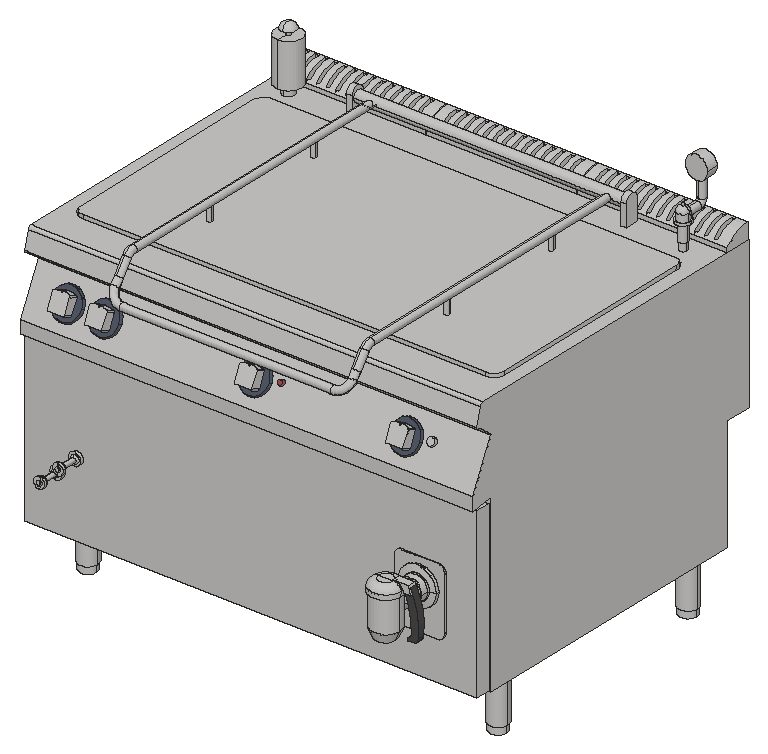
Revit family "QF_ZANUSSI_392123_Z9BSELIUFE", category Specialty Equipment, Revit 2018 (continued)
Lines and regions (mm)
  symbolic lines
    curve 245: line (132.888, -965.306, 0) -> (132.888, -962.823, 0)
    curve 246: line (144.311, -965.306, 0) -> (144.311, -962.823, 0)
    curve 247: line (132.888, -965.306, 0) -> (144.311, -965.306, 0)
    curve 248: line (149.751, -952.823, 0) -> (149.751, -957.823, 0)
    curve 249: line (74.698, -957.823, 0) -> (103.506, -957.823, 0)
    curve 250: line (74.698, -962.823, 0) -> (74.698, -957.823, 0)
    curve 251: line (103.506, -962.823, 0) -> (74.698, -962.823, 0)
    curve 252: line (103.506, -957.823, 0) -> (103.506, -962.823, 0)
    curve 253: line (77.95, -952.823, 0) -> (100.253, -952.823, 0)
    curve 254: line (83.39, -925.68, 0) -> (83.39, -952.823, 0)
    curve 255: line (94.813, -925.68, 0) -> (94.813, -952.823, 0)
    curve 256: line (77.95, -952.823, 0) -> (77.95, -957.823, 0)
    curve 257: line (83.39, -965.306, 0) -> (83.39, -962.823, 0)
    curve 258: line (94.813, -965.306, 0) -> (94.813, -962.823, 0)
    curve 259: line (83.39, -965.306, 0) -> (94.813, -965.306, 0)
    curve 260: line (100.253, -952.823, 0) -> (100.253, -957.823, 0)
    curve 261: line (1077.31, -934.698, 0) -> (1077.31, -984.273, 0)
    curve 262: line (1022.69, -934.698, 0) -> (1022.69, -984.273, 0)
    curve 263: arc (1089.709, -1004.362, 0) -> (1044.635, -974.242, 0) -> (1008.891, -1015, 0) r 41.109
    curve 264: arc (1008.891, -1015, 0) -> (1044.462, -1055.735, 0) -> (1089.617, -1025.975, 0) r 41.109
    curve 265: line (1065.663, -1004.362, 0) -> (1113.876, -1004.362, 0)
    curve 266: line (1065.663, -1025.975, 0) -> (1065.663, -1004.362, 0)
    curve 267: line (1113.876, -1025.975, 0) -> (1065.663, -1025.975, 0)
    curve 268: line (1113.876, -1004.362, 0) -> (1113.876, -1007.064, 0)
    curve 269: line (1106.741, -1004.362, 0) -> (1106.741, -1025.975, 0)
    curve 270: line (1110.542, -1022.936, 0) -> (1132.62, -1022.936, 0)
    curve 271: line (1110.542, -1007.064, 0) -> (1132.62, -1007.064, 0)
    curve 272: line (1132.62, -1022.936, 0) -> (1132.62, -1007.064, 0)
    curve 273: line (1110.542, -1007.064, 0) -> (1110.542, -1022.936, 0)
    curve 274: line (1113.876, -1022.936, 0) -> (1113.876, -1025.975, 0)
    curve 275: line (1018.48, -934.698, 0) -> (1081.52, -934.698, 0)
    curve 276: line (1081.52, -934.698, 0) -> (1081.52, -916.173, 0)
    curve 277: line (1018.48, -934.698, 0) -> (1018.48, -925.68, 0)
    curve 278: line (1023, -916.173, 0) -> (1083.56, -916.173, 0)
    curve 279: line (1083.56, -916.173, 0) -> (1083.56, -915, 0)
    curve 280: line (577, -900, 0) -> (577, -924.347, 0)
    curve 281: arc (577, -924.347, 0) -> (577.146, -924.811, 0) -> (577.532, -925.107, 0) r 0.809
    curve 282: arc (577.532, -925.107, 0) -> (578.72, -925.587, 0) -> (579.997, -925.68, 0) r 4.127
    curve 283: arc (577, -904.292, 0) -> (571.959, -902.458, 0) -> (567.191, -900, 0) r 42.24
    curve 284: arc (577, -906.539, 0) -> (577.502, -905.818, 0) -> (578.299, -905.448, 0) r 1.682
    curve 285: arc (578.299, -905.448, 0) -> (588.602, -903.95, 0) -> (599, -903.441, 0) r 109.079
    curve 286: line (599, -900, 0) -> (599, -905.671, 0)
    curve 287: line (599, -905.671, 0) -> (601, -905.671, 0)
    curve 288: line (601, -905.671, 0) -> (601, -900, 0)
    curve 289: line (623, -900, 0) -> (623, -924.347, 0)
    curve 290: arc (623, -924.347, 0) -> (622.854, -924.811, 0) -> (622.468, -925.107, 0) r 0.809
    curve 291: arc (622.468, -925.107, 0) -> (621.28, -925.587, 0) -> (620.003, -925.68, 0) r 4.127
    curve 292: arc (623, -904.292, 0) -> (628.041, -902.458, 0) -> (632.809, -900, 0) r 42.24
    curve 293: arc (623, -906.539, 0) -> (622.498, -905.818, 0) -> (621.701, -905.448, 0) r 1.682
    curve 294: arc (621.701, -905.448, 0) -> (611.398, -903.95, 0) -> (601, -903.441, 0) r 109.079
    curve 295: line (579.997, -925.68, 0) -> (620.003, -925.68, 0)
    curve 296: line (178.786, -900, 0) -> (178.786, -924.347, 0)
    curve 297: arc (178.786, -924.347, 0) -> (178.933, -924.811, 0) -> (179.319, -925.107, 0) r 0.809
    curve 298: arc (179.319, -925.107, 0) -> (180.506, -925.587, 0) -> (181.784, -925.68, 0) r 4.127
    curve 299: arc (178.786, -904.292, 0) -> (173.745, -902.458, 0) -> (168.977, -900, 0) r 42.24
    curve 300: arc (178.786, -906.539, 0) -> (179.289, -905.818, 0) -> (180.086, -905.448, 0) r 1.682
    curve 301: arc (180.086, -905.448, 0) -> (190.388, -903.95, 0) -> (200.786, -903.441, 0) r 109.079
    curve 302: line (200.786, -900, 0) -> (200.786, -905.671, 0)
    curve 303: line (200.786, -905.671, 0) -> (202.786, -905.671, 0)
    curve 304: line (202.786, -905.671, 0) -> (202.786, -900, 0)
    curve 305: line (224.786, -900, 0) -> (224.786, -924.347, 0)
    curve 306: arc (224.786, -924.347, 0) -> (224.64, -924.811, 0) -> (224.254, -925.107, 0) r 0.809
    curve 307: arc (224.254, -925.107, 0) -> (223.067, -925.587, 0) -> (221.789, -925.68, 0) r 4.127
    curve 308: arc (224.786, -904.292, 0) -> (229.828, -902.458, 0) -> (234.596, -900, 0) r 42.24
    curve 309: arc (224.786, -906.539, 0) -> (224.284, -905.818, 0) -> (223.487, -905.448, 0) r 1.682
    curve 310: arc (223.487, -905.448, 0) -> (213.185, -903.95, 0) -> (202.786, -903.441, 0) r 109.079
    curve 311: line (181.784, -925.68, 0) -> (221.789, -925.68, 0)
    curve 312: line (79.457, -900, 0) -> (79.457, -924.347, 0)
    curve 313: arc (79.457, -924.347, 0) -> (79.603, -924.811, 0) -> (79.989, -925.107, 0) r 0.809
    curve 314: arc (79.989, -925.107, 0) -> (81.177, -925.587, 0) -> (82.454, -925.68, 0) r 4.127
    curve 315: arc (79.457, -904.292, 0) -> (74.416, -902.458, 0) -> (69.648, -900, 0) r 42.24
    curve 316: arc (79.457, -906.539, 0) -> (79.959, -905.818, 0) -> (80.756, -905.448, 0) r 1.682
    curve 317: arc (80.756, -905.448, 0) -> (91.059, -903.95, 0) -> (101.457, -903.441, 0) r 109.079
    curve 318: line (101.457, -900, 0) -> (101.457, -905.671, 0)
    curve 319: line (101.457, -905.671, 0) -> (103.457, -905.671, 0)
    curve 320: line (103.457, -905.671, 0) -> (103.457, -900, 0)
    curve 321: line (125.457, -900, 0) -> (125.457, -924.347, 0)
    curve 322: arc (125.457, -924.347, 0) -> (125.311, -924.811, 0) -> (124.925, -925.107, 0) r 0.809
    curve 323: arc (124.925, -925.107, 0) -> (123.737, -925.587, 0) -> (122.459, -925.68, 0) r 4.127
    curve 324: arc (125.457, -904.292, 0) -> (130.498, -902.458, 0) -> (135.266, -900, 0) r 42.24
    curve 325: arc (125.457, -906.539, 0) -> (124.955, -905.818, 0) -> (124.157, -905.448, 0) r 1.682
    curve 326: arc (124.157, -905.448, 0) -> (113.855, -903.95, 0) -> (103.457, -903.441, 0) r 109.079
    curve 327: line (82.454, -925.68, 0) -> (122.459, -925.68, 0)
    curve 328: line (977, -900, 0) -> (977, -924.347, 0)
    curve 329: arc (977, -924.347, 0) -> (977.146, -924.811, 0) -> (977.532, -925.107, 0) r 0.809
    curve 330: arc (977.532, -925.107, 0) -> (978.72, -925.587, 0) -> (979.997, -925.68, 0) r 4.127
    curve 331: arc (977, -904.292, 0) -> (971.959, -902.458, 0) -> (967.191, -900, 0) r 42.24
    curve 332: arc (977, -906.539, 0) -> (977.502, -905.818, 0) -> (978.299, -905.448, 0) r 1.682
    curve 333: arc (978.299, -905.448, 0) -> (988.602, -903.95, 0) -> (999, -903.441, 0) r 109.079
    curve 334: line (999, -900, 0) -> (999, -905.671, 0)
    curve 335: line (999, -905.671, 0) -> (1001, -905.671, 0)
    curve 336: line (1001, -905.671, 0) -> (1001, -900, 0)
    curve 337: line (1023, -900, 0) -> (1023, -924.347, 0)
    curve 338: arc (1023, -924.347, 0) -> (1022.854, -924.811, 0) -> (1022.468, -925.107, 0) r 0.809
    curve 339: arc (1022.468, -925.107, 0) -> (1021.28, -925.587, 0) -> (1020.003, -925.68, 0) r 4.127
    curve 340: arc (1023, -904.292, 0) -> (1028.041, -902.458, 0) -> (1032.809, -900, 0) r 42.24
    curve 341: arc (1023, -906.539, 0) -> (1022.498, -905.818, 0) -> (1021.701, -905.448, 0) r 1.682
    curve 342: arc (1021.701, -905.448, 0) -> (1011.398, -903.95, 0) -> (1001, -903.441, 0) r 109.079
    curve 343: line (979.997, -925.68, 0) -> (1020.003, -925.68, 0)
    curve 344: line (79.457, -915, 0) -> (0, -915, 0)
    curve 345: line (178.786, -915, 0) -> (125.457, -915, 0)
    curve 346: line (577, -915, 0) -> (294.29, -915, 0)
    curve 347: line (977, -915, 0) -> (924.71, -915, 0)
    curve 348: line (905.71, -900, 0) -> (294.29, -900, 0)
    curve 349: line (275.29, -900, 0) -> (0, -900, 0)
    curve 350: line (1200, -900, 0) -> (924.71, -900, 0)
Dimensions and locks
  equal spacing: plane 3 "LEFT", plane 7 "Center Y", plane 4 "RIGHT"
  "Width": plane 3 "LEFT" to plane 4 "RIGHT"
  equal spacing: plane 5 "FRONT", plane 8 "Center X", plane 1 "BACK"
  "Depth": plane 5 "FRONT" to plane 1 "BACK"
  "Height": plane 6 "TOP" to level
  plane 9 to level = 1734.89 mm  (x2)
  plane 10 to level = 150.0 mm
  plane 1 "BACK" to plane 11 = 130.0 mm
  plane 11 to plane 12 = 630.0 mm
  plane 1 "BACK" to plane 13 = 1015.0 mm
  plane 14 to plane 3 "LEFT" = 56.0 mm
  plane 15 to plane 4 "RIGHT" = 56.0 mm
  Revolve 10 to level = 300.0 mm
  Extrusion 36 sketch curve to plane 1 "BACK" = 804.3 mm
  Extrusion 36 sketch curve to plane 4 "RIGHT" = 140.0 mm
  Extrusion 37 sketch curve to plane 1 "BACK" = 704.3 mm
  plane 3 "LEFT" to Extrusion 37 sketch curve = 100.0 mm
  Extrusion 37 sketch curve to plane 1 "BACK" = 804.3 mm
  plane 3 "LEFT" to Extrusion 37 sketch curve = 160.0 mm
  Extrusion 37 to plane 1 "BACK" = 704.3 mm
  Extrusion 37 to plane 1 "BACK" = 804.3 mm
  Extrusion 36 to plane 1 "BACK" = 804.3 mm
  plane 3 "LEFT" to plane 17 = 100.0 mm
  plane 3 "LEFT" to plane 18 = 160.0 mm
  plane 16 to plane 4 "RIGHT" = 140.0 mm
  Extrusion 37 sketch curve to plane 1 "BACK" = 734.3 mm
  plane 3 "LEFT" to Extrusion 37 sketch curve = 140.0 mm
  Extrusion 37 to plane 1 "BACK" = 734.3 mm
  plane 3 "LEFT" to plane 19 = 140.0 mm
  aligned and locked: level to plane 2
  aligned and locked: Extrusion 1 to plane 4 "RIGHT"
Automatic sketch dimensions
  Revolve 2 sketch curve to plane 10 = 0.0 mm  (x2)
  Revolve 2 sketch curve to level = 0.0 mm
  Revolve 2 sketch curve to plane 14 = 0.0 mm  (x2)
  Revolve 2 sketch curve to plane 14 = 22.9 mm
  Revolve 2 sketch curve to Revolve 2 sketch curve = 2.5 mm
  level to Revolve 2 sketch curve = 19.05 mm
  plane 10 to Revolve 2 sketch curve = 20.0 mm
  Revolve 3 sketch curve to plane 10 = 0.0 mm  (x2)
  Revolve 3 sketch curve to level = 0.0 mm
  Revolve 3 sketch curve to plane 14 = 0.0 mm  (x2)
  Revolve 3 sketch curve to plane 14 = 22.9 mm
  Revolve 3 sketch curve to Revolve 3 sketch curve = 2.5 mm
  level to Revolve 3 sketch curve = 19.05 mm
  plane 10 to Revolve 3 sketch curve = 20.0 mm
  Revolve 4 sketch curve to plane 10 = 0.0 mm  (x2)
  Revolve 4 sketch curve to level = 0.0 mm
  plane 15 to Revolve 4 sketch curve = 0.0 mm  (x2)
  Revolve 4 sketch curve to plane 15 = 22.9 mm
  Revolve 4 sketch curve to Revolve 4 sketch curve = 2.5 mm
  Revolve 4 sketch curve to Revolve 4 sketch curve = 20.0 mm
  level to Revolve 4 sketch curve = 19.05 mm
  Revolve 5 sketch curve to plane 10 = 0.0 mm  (x2)
  Revolve 5 sketch curve to level = 0.0 mm
  plane 15 to Revolve 5 sketch curve = 0.0 mm  (x2)
  Revolve 5 sketch curve to plane 15 = 22.9 mm
  Revolve 5 sketch curve to Revolve 5 sketch curve = 2.5 mm
  Revolve 5 sketch curve to Revolve 5 sketch curve = 20.0 mm
  level to Revolve 5 sketch curve = 19.05 mm
  Extrusion 6 sketch curve to plane 6 "TOP" = 0.0 mm
  Extrusion 6 sketch curve to plane 1 "BACK" = 0.0 mm
  plane 1 "BACK" to Extrusion 6 sketch curve = 4.947 mm
  plane 6 "TOP" to Extrusion 6 sketch curve = 10.4 mm
  plane 11 to Extrusion 6 sketch curve = 60.15 mm
  Extrusion 6 sketch curve to plane 6 "TOP" = 39.807 mm
  plane 1 "BACK" to Extrusion 7 sketch curve = 6.761 mm  (x14)
  Extrusion 7 sketch curve to Extrusion 7 sketch curve = 57.15 mm
  Extrusion 7 sketch curve to Extrusion 7 sketch curve = 0.0 mm  (x13)
  Extrusion 7 sketch curve to Extrusion 7 sketch curve = 16.193 mm  (x13)
  Extrusion 7 sketch curve to Extrusion 7 sketch curve = 9.296 mm  (x13)
  plane 14 to Extrusion 7 sketch curve = 8.487 mm
  Extrusion 7 sketch curve to plane 14 = 0.809 mm
  plane 10 to Extrusion 8 sketch curve = 111.296 mm
  Extrusion 8 sketch curve to Extrusion 8 sketch curve = 20.0 mm  (x3)
  Extrusion 8 sketch curve to Extrusion 8 sketch curve = 140.0 mm
  Extrusion 8 sketch curve to Extrusion 8 sketch curve = 0.0 mm
  Revolve 9 sketch curve to plane 5 "FRONT" = 26.761 mm
  Revolve 9 sketch curve to plane 5 "FRONT" = 1.761 mm
  Revolve 9 sketch curve to Revolve 9 sketch curve = 0.0 mm
  Revolve 9 sketch curve to Revolve 9 sketch curve = 27.31 mm
  Revolve 9 sketch curve to Revolve 9 sketch curve = 4.21 mm
  Revolve 9 sketch curve to Revolve 9 sketch curve = 2.04 mm
  plane 5 "FRONT" to Revolve 9 sketch curve = 4.737 mm
  Revolve 9 sketch curve to plane 13 = 22.744 mm
  Revolve 9 sketch curve to plane 5 "FRONT" = 13.787 mm
  Revolve 9 sketch curve to Revolve 9 sketch curve = 2.899 mm
  Revolve 9 sketch curve to Revolve 9 sketch curve = 6.479 mm
  Revolve 9 sketch curve to Revolve 9 sketch curve = 15.0 mm
  Revolve 10 sketch curve to Revolve 10 sketch curve = 0.0 mm
  Revolve 10 sketch curve to Revolve 10 sketch curve = 20.039 mm
  Revolve 10 sketch curve to Revolve 10 sketch curve = 26.476 mm
  Revolve 10 sketch curve to Revolve 10 sketch curve = 17.448 mm
  Revolve 10 sketch curve to Revolve 10 sketch curve = 3.622 mm
  plane 10 to Revolve 10 sketch curve = 140.66 mm
  Revolve 10 sketch curve to Revolve 10 sketch curve = 9.34 mm
  Revolve 10 sketch curve to Revolve 10 sketch curve = 25.0 mm
  Revolve 10 sketch curve to Revolve 10 sketch curve = 83.963 mm
  Revolve 10 sketch curve to Revolve 10 sketch curve = 7.566 mm
  Revolve 10 sketch curve to Revolve 10 sketch curve = 12.044 mm
  Revolve 10 sketch curve to Revolve 10 sketch curve = 22.59 mm
  Extrusion 12 sketch curve to Extrusion 12 sketch curve = 12.717 mm
  Extrusion 12 sketch curve to Extrusion 12 sketch curve = 12.702 mm
  Extrusion 12 sketch curve to Extrusion 12 sketch curve = 21.173 mm
  plane 10 to Extrusion 12 sketch curve = 254.162 mm
  Extrusion 12 sketch curve to Extrusion 12 sketch curve = 0.322 mm
  plane 5 "FRONT" to Revolve 13 sketch curve = 35.345 mm
  Revolve 13 sketch curve to Revolve 13 sketch curve = 2.482 mm
  Revolve 13 sketch curve to Revolve 13 sketch curve = 5.0 mm  (x2)
  Revolve 13 sketch curve to plane 5 "FRONT" = 17.456 mm
  Revolve 13 sketch curve to Revolve 13 sketch curve = 5.316 mm
  Revolve 13 sketch curve to Revolve 13 sketch curve = 3.012 mm
  Revolve 13 sketch curve to Revolve 13 sketch curve = 4.216 mm
  Revolve 13 sketch curve to Revolve 13 sketch curve = 0.0 mm  (x2)
  Revolve 13 sketch curve to Revolve 13 sketch curve = 4.148 mm
  plane 10 to Revolve 13 sketch curve = 187.629 mm
  Revolve 13 sketch curve to Revolve 13 sketch curve = 1.968 mm
  Revolve 13 sketch curve to Revolve 13 sketch curve = 3.253 mm
  Revolve 13 sketch curve to Revolve 13 sketch curve = 6.355 mm
  Revolve 13 sketch curve to Revolve 13 sketch curve = 4.305 mm
  Revolve 13 sketch curve to Revolve 13 sketch curve = 8.693 mm
  Revolve 13 sketch curve to Revolve 13 sketch curve = 0.862 mm
  plane 5 "FRONT" to Revolve 14 sketch curve = 35.345 mm
  Revolve 14 sketch curve to Revolve 14 sketch curve = 2.482 mm
  Revolve 14 sketch curve to Revolve 14 sketch curve = 5.0 mm  (x2)
  Revolve 14 sketch curve to plane 5 "FRONT" = 17.456 mm
  Revolve 14 sketch curve to Revolve 14 sketch curve = 5.316 mm
  Revolve 14 sketch curve to Revolve 14 sketch curve = 3.012 mm
  Revolve 14 sketch curve to Revolve 14 sketch curve = 4.216 mm
  Revolve 14 sketch curve to Revolve 14 sketch curve = 0.0 mm  (x2)
  Revolve 14 sketch curve to Revolve 14 sketch curve = 4.148 mm
  plane 10 to Revolve 14 sketch curve = 138.132 mm
  Revolve 14 sketch curve to Revolve 14 sketch curve = 1.968 mm
  Revolve 14 sketch curve to Revolve 14 sketch curve = 3.253 mm
  Revolve 14 sketch curve to Revolve 14 sketch curve = 6.355 mm
  Revolve 14 sketch curve to Revolve 14 sketch curve = 4.305 mm
  Revolve 14 sketch curve to Revolve 14 sketch curve = 8.693 mm
  Revolve 14 sketch curve to Revolve 14 sketch curve = 0.862 mm
  Extrusion 15 sketch curve to plane 6 "TOP" = 0.0 mm
  Extrusion 15 sketch curve to plane 1 "BACK" = 0.0 mm
  plane 1 "BACK" to Extrusion 15 sketch curve = 4.947 mm
  plane 6 "TOP" to Extrusion 15 sketch curve = 10.4 mm
  plane 11 to Extrusion 15 sketch curve = 60.15 mm
  Extrusion 15 sketch curve to plane 6 "TOP" = 39.807 mm
  plane 1 "BACK" to Extrusion 16 sketch curve = 6.761 mm  (x14)
  plane 7 "Center Y" to Extrusion 16 sketch curve = 17.417 mm
  Extrusion 16 sketch curve to Extrusion 16 sketch curve = 57.15 mm
  Extrusion 16 sketch curve to plane 7 "Center Y" = 8.071 mm
  Extrusion 16 sketch curve to Extrusion 16 sketch curve = 0.0 mm  (x13)
  Extrusion 16 sketch curve to Extrusion 16 sketch curve = 9.296 mm  (x13)
  Extrusion 16 sketch curve to Extrusion 16 sketch curve = 16.193 mm  (x12)
  plane 7 "Center Y" to Extrusion 16 sketch curve = 8.121 mm
  Extrusion 17 sketch curve to plane 6 "TOP" = 0.0 mm
  Extrusion 17 sketch curve to plane 1 "BACK" = 0.0 mm
  plane 1 "BACK" to Extrusion 17 sketch curve = 4.947 mm
  plane 6 "TOP" to Extrusion 17 sketch curve = 10.4 mm
  plane 11 to Extrusion 17 sketch curve = 60.15 mm
  Extrusion 17 sketch curve to plane 6 "TOP" = 39.807 mm
  plane 1 "BACK" to Extrusion 18 sketch curve = 6.761 mm  (x14)
  Extrusion 18 sketch curve to Extrusion 18 sketch curve = 57.15 mm
  Extrusion 18 sketch curve to Extrusion 18 sketch curve = 0.0 mm  (x13)
  Extrusion 18 sketch curve to plane 15 = 0.859 mm
  Extrusion 18 sketch curve to Extrusion 18 sketch curve = 16.193 mm  (x13)
  Extrusion 18 sketch curve to Extrusion 18 sketch curve = 9.296 mm  (x13)
  plane 15 to Extrusion 18 sketch curve = 8.437 mm
  Extrusion 19 sketch curve to plane 6 "TOP" = 0.0 mm
  plane 11 to Extrusion 19 sketch curve = 12.5 mm
  Extrusion 19 sketch curve to Extrusion 19 sketch curve = 17.394 mm
  plane 6 "TOP" to Extrusion 19 sketch curve = 57.07 mm
  Extrusion 20 sketch curve to plane 6 "TOP" = 0.0 mm
  plane 11 to Extrusion 20 sketch curve = 12.5 mm
  Extrusion 20 sketch curve to Extrusion 20 sketch curve = 17.394 mm
  plane 6 "TOP" to Extrusion 20 sketch curve = 57.07 mm
  Extrusion 21 sketch curve to plane 14 = 9.29 mm
  plane 14 to Extrusion 21 sketch curve = 10.71 mm  (x2)
  Extrusion 21 sketch curve to plane 12 = 0.931 mm
  plane 15 to Extrusion 21 sketch curve = 10.71 mm  (x2)
  Extrusion 21 sketch curve to plane 15 = 9.29 mm
  Extrusion 21 sketch curve to plane 11 = 60.49 mm
  Extrusion 22 sketch curve to plane 12 = 0.931 mm
  Extrusion 22 sketch curve to plane 14 = 21.29 mm
  plane 14 to Extrusion 22 sketch curve = 10.71 mm  (x2)
  plane 15 to Extrusion 22 sketch curve = 10.71 mm  (x2)
  Extrusion 22 sketch curve to plane 15 = 21.29 mm
  Extrusion 22 sketch curve to plane 11 = 60.49 mm
  Extrusion 23 sketch curve to Extrusion 23 sketch curve = 28.0 mm
  Extrusion 23 sketch curve to Extrusion 22 = 32.0 mm
  plane 11 to Extrusion 24 sketch curve = 29.894 mm
  plane 6 "TOP" to Extrusion 24 sketch curve = 50.961 mm
  plane 6 "TOP" to Sweep 25 sketch curve = 4.25 mm
  plane 5 "FRONT" to Sweep 25 sketch curve = 13.879 mm
  Sweep 25 sketch curve to plane 5 "FRONT" = 12.572 mm
  Sweep 25 sketch curve to Sweep 25 sketch curve = 20.225 mm
  plane 11 to Sweep 25 sketch curve = 29.894 mm
  plane 6 "TOP" to Sweep 25 sketch curve = 25.961 mm
  Sweep 25 sketch curve to Sweep 25 sketch curve = 14.695 mm
  Sweep 25 sketch curve to profile plane = 0.0 mm  (x2)
  plane 3 "LEFT" to Sweep 25 sketch curve = 284.79 mm
  Sweep 25 sketch curve to Sweep 25 sketch curve = 630.421 mm
  Sweep 26 sketch curve to Sweep 26 sketch curve = 20.0 mm  (x2)
  profile plane to Sweep 26 sketch curve = 0.0 mm
  Sweep 26 sketch curve to profile plane = 0.0 mm
  Extrusion 27 sketch curve to Extrusion 23 = 246.08 mm  (x4)
  Extrusion 27 sketch curve to Extrusion 23 = 145.803 mm  (x2)
  Extrusion 27 sketch curve to Extrusion 23 = 134.383 mm  (x2)
  Extrusion 28 sketch curve to plane 14 = 17.29 mm
  plane 14 to Extrusion 28 sketch curve = 10.71 mm  (x2)
  plane 15 to Extrusion 28 sketch curve = 10.71 mm  (x2)
  Extrusion 28 sketch curve to plane 15 = 17.29 mm
  Extrusion 28 sketch curve to Extrusion 28 sketch curve = 570.441 mm
  Sweep 29 sketch curve to plane 9 = 27.712 mm
  Sweep 29 sketch curve to Sweep 29 sketch curve = 26.45 mm
  Sweep 29 sketch curve to Sweep 29 sketch curve = 20.225 mm
  Sweep 29 sketch curve to Sweep 29 sketch curve = 797.097 mm
  Sweep 29 sketch curve to Sweep 29 sketch curve = 21.711 mm
  Sweep 29 sketch curve to Sweep 29 sketch curve = 14.695 mm
  Sweep 29 sketch curve to profile plane = 0.0 mm  (x2)
  plane 3 "LEFT" to Sweep 29 sketch curve = 284.79 mm
  Sweep 29 sketch curve to Sweep 29 sketch curve = 630.421 mm
  Sweep 30 sketch curve to Sweep 30 sketch curve = 20.0 mm  (x2)
  Sweep 30 sketch curve to profile plane = 0.0 mm  (x2)
  Extrusion 31 sketch curve to Extrusion 28 = 246.08 mm  (x4)
  Extrusion 31 sketch curve to Extrusion 28 = 145.803 mm  (x2)
  Extrusion 31 sketch curve to Extrusion 28 = 134.383 mm  (x2)
  Revolve 32 sketch curve to plane 11 = 0.0 mm
  Revolve 32 sketch curve to plane 6 "TOP" = 0.0 mm
  Revolve 32 sketch curve to plane 11 = 15.0 mm
  plane 11 to Revolve 32 sketch curve = 5.0 mm
  Revolve 32 sketch curve to Revolve 32 sketch curve = 15.0 mm  (x2)
  Revolve 32 sketch curve to Revolve 32 sketch curve = 0.0 mm  (x2)
  Revolve 32 sketch curve to Revolve 32 sketch curve = 25.0 mm
  Revolve 32 sketch curve to Revolve 32 sketch curve = 115.0 mm
  Revolve 32 sketch curve to Revolve 32 sketch curve = 9.167 mm
  Revolve 32 sketch curve to Revolve 32 sketch curve = 5.833 mm
  Revolve 32 sketch curve to Revolve 32 sketch curve = 6.793 mm
  Revolve 33 sketch curve to plane 6 "TOP" = 0.0 mm
  plane 15 to Revolve 33 sketch curve = 10.0 mm
  plane 15 to Revolve 33 sketch curve = 5.0 mm
  plane 6 "TOP" to Revolve 33 sketch curve = 21.175 mm
  Revolve 33 sketch curve to Revolve 33 sketch curve = 45.0 mm
  Revolve 33 sketch curve to Revolve 33 sketch curve = 5.0 mm  (x2)
  Revolve 33 sketch curve to Revolve 33 sketch curve = 18.75 mm
  Revolve 33 sketch curve to Revolve 33 sketch curve = 5.244 mm
  Revolve 33 sketch curve to Revolve 33 sketch curve = 0.0 mm  (x2)
  plane 11 to Sweep 34 sketch curve = 14.894 mm
  Sweep 34 sketch curve to Sweep 34 sketch curve = 47.447 mm
  Sweep 34 sketch curve to Sweep 34 sketch curve = 15.0 mm
  plane 6 "TOP" to Sweep 34 sketch curve = 82.5 mm
  Sweep 34 sketch curve to Sweep 34 sketch curve = 50.0 mm
  Sweep 34 sketch curve to profile plane = 0.0 mm  (x2)
  plane 15 to Extrusion 8 sketch curve = 47.125 mm
  plane 15 to Revolve 9 sketch curve = 94.0 mm
  Revolve 9 sketch curve to Revolve 9 sketch curve = 16.919 mm
  plane 15 to Revolve 10 sketch curve = 94.0 mm
  plane 15 to Extrusion 12 sketch curve = 103.756 mm
  Extrusion 12 sketch curve to Extrusion 12 sketch curve = 19.905 mm
  Extrusion 12 sketch curve to Extrusion 12 sketch curve = 7.134 mm
  Revolve 33 sketch curve to Revolve 33 sketch curve = 3.437 mm
  Revolve 33 sketch curve to Revolve 33 sketch curve = 1.563 mm
  plane 15 to Revolve 33 sketch curve = 22.756 mm
  Revolve 33 sketch curve to Revolve 33 sketch curve = 2.244 mm  (x2)
  plane 15 to Extrusion 35 sketch curve = 25.0 mm
  plane 6 "TOP" to Extrusion 35 sketch curve = 174.375 mm
  plane 8 "Center X" to Sweep 29 sketch curve = 108.804 mm
  Extrusion 8 sketch curve to Extrusion 8 sketch curve = 93.75 mm
  plane 14 to Sweep 26 sketch curve = 228.79 mm
  Sweep 26 sketch curve to Sweep 26 sketch curve = 35.0 mm  (x2)
  plane 15 to Sweep 26 sketch curve = 263.79 mm
  plane 14 to Sweep 30 sketch curve = 228.79 mm
  Sweep 30 sketch curve to Sweep 30 sketch curve = 35.0 mm  (x2)
  plane 15 to Sweep 30 sketch curve = 263.79 mm
  Extrusion 11 sketch curve to plane 16 = 159.841 mm
  Extrusion 11 sketch curve to Extrusion 11 sketch curve = 43.767 mm
  plane 16 to Extrusion 11 sketch curve = 28.183 mm
  plane 16 to Extrusion 11 sketch curve = 40.92 mm
  Extrusion 11 sketch curve to Extrusion 11 sketch curve = 3.423 mm
  Extrusion 11 sketch curve to Extrusion 11 sketch curve = 0.0 mm
  Extrusion 11 sketch curve to Extrusion 11 sketch curve = 0.693 mm
  Extrusion 11 sketch curve to Extrusion 11 sketch curve = 0.977 mm
  Extrusion 11 sketch curve to Extrusion 11 sketch curve = 22.359 mm
  Extrusion 11 sketch curve to Extrusion 11 sketch curve = 7.729 mm
  Extrusion 11 sketch curve to Extrusion 11 sketch curve = 8.743 mm
  Extrusion 11 sketch curve to Extrusion 11 sketch curve = 1.357 mm
  Extrusion 11 sketch curve to Extrusion 11 sketch curve = 9.852 mm
  plane 10 to Extrusion 11 sketch curve = 154.686 mm
  Extrusion 11 sketch curve to Extrusion 11 sketch curve = 2.347 mm
  Extrusion 11 sketch curve to Extrusion 11 sketch curve = 3.764 mm
  Extrusion 11 sketch curve to Extrusion 11 sketch curve = 0.821 mm
  plane 10 to Extrusion 11 sketch curve = 185.038 mm
  plane 5 "FRONT" to Extrusion 38 sketch curve = 0.0 mm  (x2)
  plane 1 "BACK" to Extrusion 38 sketch curve = 0.0 mm
  Extrusion 38 sketch curve to plane 3 "LEFT" = 0.0 mm
  Extrusion 38 sketch curve to plane 4 "RIGHT" = 0.0 mm
  Extrusion 38 sketch curve to plane 3 "LEFT" = 101.6 mm
  Extrusion 38 sketch curve to plane 4 "RIGHT" = 101.6 mm
  Extrusion 38 sketch curve to plane 1 "BACK" = 101.6 mm
  Split face 2 sketch curve to Split face 2 sketch curve = 6.0 mm
  Split face 2 sketch curve to Split face 2 sketch curve = 30.402 mm
  Split face 2 sketch curve to Split face 2 sketch curve = 9.201 mm
  Split face 2 sketch curve to Split face 2 sketch curve = 2.43 mm
  Split face 2 sketch curve to Split face 2 sketch curve = 0.785 mm
  Split face 12 sketch curve to Split face 12 sketch curve = 6.0 mm
  Split face 12 sketch curve to Split face 12 sketch curve = 10.0 mm
  Split face 13 sketch curve to Split face 13 sketch curve = 5.0 mm
  Split face 13 sketch curve to Split face 13 sketch curve = 9.0 mm
  Split face 14 sketch curve to Split face 14 sketch curve = 5.0 mm
  Split face 15 sketch curve to Split face 15 sketch curve = 5.0 mm
  Split face 20 sketch curve to Split face 20 sketch curve = 6.0 mm
  Split face 20 sketch curve to Split face 20 sketch curve = 30.402 mm
  Split face 20 sketch curve to Split face 20 sketch curve = 9.201 mm
  Split face 20 sketch curve to Split face 20 sketch curve = 2.43 mm
  Split face 20 sketch curve to Split face 20 sketch curve = 0.785 mm
  Split face 30 sketch curve to Split face 30 sketch curve = 6.0 mm
  Split face 30 sketch curve to Split face 30 sketch curve = 10.0 mm
  Split face 31 sketch curve to Split face 31 sketch curve = 5.0 mm
  Split face 31 sketch curve to Split face 31 sketch curve = 9.0 mm
  Split face 32 sketch curve to Split face 32 sketch curve = 5.0 mm
  Split face 33 sketch curve to Split face 33 sketch curve = 5.0 mm
  plane 7 "Center Y" to Extrusion 39 sketch curve = 67.108 mm
  Extrusion 40 sketch curve to plane 13 = 109.329 mm
  Extrusion 40 sketch curve to plane 6 "TOP" = 112.016 mm
  Extrusion 40 sketch curve to Extrusion 40 sketch curve = 3.0 mm
  Extrusion 40 sketch curve to Extrusion 40 sketch curve = 0.0 mm
  Extrusion 40 sketch curve to Extrusion 40 sketch curve = 1.0 mm  (x2)
  Extrusion 40 sketch curve to Extrusion 40 sketch curve = 15.0 mm
  Extrusion 41 sketch curve to plane 17 = 19.957 mm
  plane 17 to Extrusion 41 sketch curve = 15.043 mm
  Extrusion 41 sketch curve to Extrusion 41 sketch curve = 35.0 mm
  plane 19 to Extrusion 42 sketch curve = 14.543 mm
  Extrusion 42 sketch curve to Extrusion 42 sketch curve = 2.997 mm  (x3)
  Extrusion 42 sketch curve to plane 17 = 2.457 mm
  plane 17 to Extrusion 42 sketch curve = 17.546 mm  (x2)
  Extrusion 42 sketch curve to Extrusion 42 sketch curve = 0.0 mm  (x2)
  Extrusion 42 sketch curve to Extrusion 42 sketch curve = 40.037 mm
  Extrusion 42 sketch curve to Extrusion 42 sketch curve = 5.399 mm
  Blend 43 sketch curve to plane 17 = 2.457 mm  (x2)
  Blend 44 sketch curve to plane 7 "Center Y" = 0.0 mm  (x2)
  Extrusion 45 sketch curve to plane 7 "Center Y" = 0.0 mm
  Extrusion 45 sketch curve to plane 7 "Center Y" = 20.003 mm  (x2)
  Extrusion 45 sketch curve to Extrusion 45 sketch curve = 2.997 mm  (x2)
  plane 7 "Center Y" to Extrusion 45 sketch curve = 20.003 mm  (x2)
  Extrusion 45 sketch curve to Extrusion 45 sketch curve = 5.399 mm
  Extrusion 45 sketch curve to Extrusion 45 sketch curve = 40.037 mm
  Extrusion 45 sketch curve to Extrusion 45 sketch curve = 0.0 mm  (x2)
  Extrusion 46 sketch curve to plane 7 "Center Y" = 17.5 mm
  plane 7 "Center Y" to Extrusion 46 sketch curve = 17.5 mm
  Extrusion 46 sketch curve to Extrusion 46 sketch curve = 35.0 mm
  Extrusion 47 sketch curve to plane 13 = 109.329 mm
  Extrusion 47 sketch curve to plane 6 "TOP" = 112.016 mm
  Extrusion 47 sketch curve to Extrusion 47 sketch curve = 3.0 mm
  Extrusion 47 sketch curve to Extrusion 47 sketch curve = 0.0 mm
  Extrusion 47 sketch curve to Extrusion 47 sketch curve = 1.0 mm  (x2)
  Extrusion 47 sketch curve to Extrusion 47 sketch curve = 15.0 mm
  Extrusion 48 sketch curve to plane 13 = 109.329 mm
  Extrusion 48 sketch curve to plane 6 "TOP" = 112.016 mm
  Extrusion 48 sketch curve to Extrusion 48 sketch curve = 3.0 mm
  Extrusion 48 sketch curve to Extrusion 48 sketch curve = 0.0 mm
  Extrusion 48 sketch curve to Extrusion 48 sketch curve = 1.0 mm  (x2)
  Extrusion 48 sketch curve to Extrusion 48 sketch curve = 15.0 mm
  Extrusion 49 sketch curve to plane 18 = 59.286 mm
  Extrusion 49 sketch curve to plane 18 = 24.286 mm
  Extrusion 49 sketch curve to Extrusion 49 sketch curve = 35.0 mm
  Extrusion 50 sketch curve to plane 18 = 64.786 mm
  Extrusion 50 sketch curve to Extrusion 50 sketch curve = 2.997 mm  (x3)
  Extrusion 50 sketch curve to Extrusion 50 sketch curve = 20.003 mm  (x2)
  Extrusion 50 sketch curve to plane 18 = 21.784 mm
  Extrusion 50 sketch curve to Extrusion 50 sketch curve = 0.0 mm  (x2)
  Extrusion 50 sketch curve to Extrusion 50 sketch curve = 40.037 mm
  Extrusion 50 sketch curve to Extrusion 50 sketch curve = 5.399 mm
  Blend 51 sketch curve to plane 18 = 41.786 mm  (x2)
  Blend 52 sketch curve to plane 16 = 60.0 mm  (x2)
  Extrusion 53 sketch curve to plane 16 = 83.0 mm
  Extrusion 53 sketch curve to Extrusion 53 sketch curve = 2.997 mm  (x3)
  Extrusion 53 sketch curve to Extrusion 53 sketch curve = 20.003 mm  (x2)
  Extrusion 53 sketch curve to plane 16 = 39.997 mm
  Extrusion 53 sketch curve to Extrusion 53 sketch curve = 5.399 mm
  Extrusion 53 sketch curve to Extrusion 53 sketch curve = 40.037 mm
  Extrusion 53 sketch curve to Extrusion 53 sketch curve = 0.0 mm  (x2)
  Extrusion 54 sketch curve to plane 16 = 77.5 mm
  Extrusion 54 sketch curve to Extrusion 54 sketch curve = 35.0 mm  (x2)
  Extrusion 55 sketch curve to plane 13 = 109.329 mm
  Extrusion 55 sketch curve to plane 6 "TOP" = 112.016 mm
  Extrusion 55 sketch curve to Extrusion 55 sketch curve = 3.0 mm
  Extrusion 55 sketch curve to Extrusion 55 sketch curve = 0.0 mm
  Extrusion 55 sketch curve to Extrusion 55 sketch curve = 1.0 mm  (x2)
  Extrusion 55 sketch curve to Extrusion 55 sketch curve = 15.0 mm
  plane 16 to Extrusion 56 sketch curve = 7.108 mm
  Extrusion 1 sketch curve to plane 6 "TOP" = 0.0 mm
  Extrusion 1 sketch curve to plane 10 = 0.0 mm
  Extrusion 1 sketch curve to plane 6 "TOP" = 244.492 mm
  Extrusion 1 sketch curve to plane 13 = 100.0 mm
  Extrusion 1 sketch curve to Extrusion 1 sketch curve = 15.0 mm
  Extrusion 1 sketch curve to plane 6 "TOP" = 52.989 mm
  Extrusion 1 sketch curve to Extrusion 1 sketch curve = 15.116 mm
  Extrusion 1 sketch curve to Extrusion 1 sketch curve = 2.884 mm
  Extrusion 1 sketch curve to plane 6 "TOP" = 7.474 mm
  Extrusion 1 sketch curve to Extrusion 1 sketch curve = 13.051 mm
  Extrusion 1 sketch curve to Extrusion 1 sketch curve = 10.198 mm
  Extrusion 1 sketch curve to Extrusion 1 sketch curve = 40.0 mm
  Extrusion 1 sketch curve to Extrusion 1 sketch curve = 1.355 mm
  Extrusion 1 sketch curve to Extrusion 1 sketch curve = 0.445 mm
  Extrusion 1 sketch curve to Extrusion 1 sketch curve = 5.0 mm
  Extrusion 1 sketch curve to plane 6 "TOP" = 88.636 mm
  Extrusion 1 sketch curve to Extrusion 1 sketch curve = 31.82 mm
  plane 12 to Extrusion 1 sketch curve = 688.563 mm
  plane 8 "Center X" to Extrusion 1 sketch curve = 465.0 mm
  plane 10 to Extrusion 1 sketch curve = 5.0 mm
  plane 10 to Extrusion 1 sketch curve = 300.038 mm
  Extrusion 1 sketch curve to Extrusion 1 sketch curve = 5.508 mm
  Extrusion 1 sketch curve to Extrusion 1 sketch curve = 10.259 mm
  Extrusion 1 sketch curve to Extrusion 1 sketch curve = 35.0 mm
  Extrusion 1 sketch curve to Extrusion 1 sketch curve = 3.827 mm
  curve 5 to curve 19 = 0.0 mm  (x2)
  curve 7 to curve 17 = 0.0 mm  (x2)
  curve 9 to curve 15 = 0.0 mm  (x2)
  curve 11 to curve 13 = 0.0 mm  (x2)
  curve 38 to curve 39 = 0.0 mm  (x2)
  curve 38 to curve 40 = 0.0 mm  (x2)
  curve 38 to curve 41 = 0.0 mm  (x2)
  curve 39 to curve 40 = 0.0 mm  (x2)
  curve 39 to curve 41 = 0.0 mm  (x2)
  curve 40 to curve 41 = 0.0 mm  (x2)
  curve 212 to curve 213 = 0.0 mm  (x2)
  curve 212 to curve 214 = 0.0 mm  (x2)
  curve 212 to curve 215 = 0.0 mm  (x2)
  curve 212 to curve 221 = 0.0 mm  (x2)
  curve 213 to curve 214 = 0.0 mm  (x2)
  curve 213 to curve 215 = 0.0 mm  (x2)
  curve 213 to curve 221 = 0.0 mm  (x2)
  curve 214 to curve 215 = 0.0 mm  (x2)
  curve 214 to curve 221 = 0.0 mm  (x2)
  curve 215 to curve 221 = 0.0 mm  (x2)
  plane 5 "FRONT" to curve 3 = 0.0 mm
  plane 1 "BACK" to curve 35 = 0.0 mm
  curve 35 to plane 3 "LEFT" = 0.0 mm
  curve 41 to plane 11 = 0.0 mm
  curve 34 to plane 4 "RIGHT" = 0.0 mm
  plane 5 "FRONT" to curve 1 = 0.0 mm
  curve 2 to plane 3 "LEFT" = 101.6 mm
  curve 44 to plane 14 = 26.297 mm
  curve 12 to plane 14 = 21.29 mm
  curve 4 to plane 12 = 0.931 mm
  curve 12 to curve 4 = 4.0 mm
  curve 42 to curve 45 = 9.296 mm
  curve 49 to plane 14 = 0.809 mm
  plane 14 to curve 48 = 8.487 mm
  plane 14 to curve 14 = 10.71 mm
  plane 14 to curve 5 = 10.71 mm
  plane 14 to curve 39 = 11.5 mm
  curve 46 to curve 50 = 16.193 mm
  curve 50 to curve 51 = 9.296 mm
  curve 54 to plane 17 = 6.168 mm
  curve 54 to curve 54 = 9.296 mm
  plane 19 to curve 60 = 8.344 mm
  curve 60 to plane 19 = 0.952 mm
  plane 18 to curve 97 = 2.855 mm
  curve 95 to plane 18 = 6.44 mm
  plane 1 "BACK" to curve 65 = 6.761 mm
  curve 95 to curve 65 = 16.193 mm
  curve 64 to curve 63 = 9.296 mm
  plane 1 "BACK" to curve 69 = 6.761 mm
  curve 63 to curve 69 = 16.193 mm
  curve 66 to curve 67 = 9.296 mm
  curve 66 to curve 20 = 11.093 mm
  curve 66 to curve 93 = 16.193 mm
  curve 90 to curve 90 = 9.296 mm
  curve 21 to curve 22 = 14.583 mm
  curve 90 to curve 73 = 16.193 mm
  curve 72 to curve 71 = 9.296 mm
  curve 70 to curve 77 = 16.193 mm
  curve 74 to curve 74 = 9.296 mm
  plane 1 "BACK" to curve 80 = 6.761 mm
  curve 75 to curve 80 = 16.193 mm
  curve 80 to curve 80 = 9.296 mm
  curve 78 to curve 85 = 16.193 mm
  curve 82 to curve 82 = 9.296 mm
  plane 1 "BACK" to curve 89 = 6.761 mm
  curve 83 to curve 89 = 16.193 mm
  curve 86 to curve 87 = 9.296 mm
  plane 1 "BACK" to curve 98 = 6.761 mm
  curve 87 to curve 98 = 59.356 mm
  curve 99 to curve 101 = 9.296 mm
  plane 1 "BACK" to curve 104 = 6.761 mm
  curve 98 to curve 104 = 16.193 mm
  curve 104 to curve 103 = 9.296 mm
  curve 102 to curve 109 = 16.193 mm
  curve 108 to curve 108 = 9.296 mm
  curve 106 to curve 110 = 16.193 mm
  curve 112 to curve 112 = 9.296 mm
  plane 1 "BACK" to curve 117 = 6.761 mm
  curve 111 to curve 117 = 16.193 mm
  curve 114 to curve 114 = 9.296 mm
  curve 114 to curve 150 = 16.193 mm
  curve 152 to curve 152 = 9.296 mm
  curve 150 to curve 121 = 16.193 mm
  curve 119 to plane 7 "Center Y" = 8.071 mm
  plane 7 "Center Y" to curve 124 = 8.121 mm
  curve 124 to curve 124 = 9.296 mm
  curve 122 to curve 149 = 16.193 mm
  curve 148 to curve 148 = 9.296 mm
  curve 146 to curve 126 = 16.193 mm
  curve 128 to curve 128 = 9.296 mm
  plane 1 "BACK" to curve 133 = 6.761 mm
  curve 127 to curve 133 = 16.193 mm
  curve 132 to curve 132 = 9.296 mm
  curve 130 to curve 134 = 16.193 mm
  curve 136 to curve 136 = 9.296 mm
  plane 1 "BACK" to curve 140 = 6.761 mm
  curve 135 to curve 140 = 16.193 mm
  curve 138 to curve 139 = 9.296 mm
  curve 138 to curve 145 = 16.193 mm
  curve 144 to curve 143 = 9.296 mm
  curve 142 to curve 156 = 59.356 mm
  curve 154 to curve 154 = 9.296 mm
  curve 156 to curve 158 = 16.193 mm
  curve 158 to curve 158 = 9.296 mm
  plane 1 "BACK" to curve 165 = 6.761 mm
  curve 159 to curve 165 = 16.193 mm
  curve 164 to curve 163 = 9.296 mm
  curve 162 to curve 166 = 16.193 mm
  curve 168 to curve 168 = 9.296 mm
  plane 1 "BACK" to curve 173 = 6.761 mm
  curve 167 to curve 173 = 16.193 mm
  curve 170 to curve 171 = 9.296 mm
  curve 170 to curve 26 = 15.955 mm
  curve 170 to curve 207 = 16.193 mm
  curve 204 to curve 204 = 9.296 mm
  curve 26 to curve 27 = 14.583 mm
  plane 1 "BACK" to curve 177 = 6.761 mm
  curve 205 to curve 177 = 16.193 mm
  curve 176 to curve 175 = 9.296 mm
  curve 174 to curve 181 = 16.193 mm
  curve 180 to curve 179 = 9.296 mm
  plane 1 "BACK" to curve 202 = 6.761 mm
  curve 179 to curve 202 = 16.193 mm
  curve 200 to curve 200 = 9.296 mm
  curve 185 to plane 16 = 0.902 mm
  plane 16 to curve 184 = 8.394 mm
  curve 182 to curve 189 = 16.193 mm
  curve 186 to curve 218 = 4.414 mm
  curve 188 to curve 188 = 9.296 mm
  plane 1 "BACK" to curve 192 = 6.761 mm
  curve 187 to curve 192 = 16.193 mm
  plane 15 to curve 221 = 25.0 mm
  curve 191 to curve 191 = 9.296 mm
  curve 7 to plane 12 = 0.931 mm
  plane 15 to curve 7 = 10.71 mm
  plane 15 to curve 15 = 10.71 mm
  plane 15 to curve 195 = 8.437 mm
  curve 193 to plane 15 = 0.859 mm
  curve 193 to curve 217 = 4.141 mm
  plane 1 "BACK" to curve 198 = 6.761 mm
  curve 193 to curve 198 = 16.193 mm
  curve 8 to plane 15 = 17.29 mm
  curve 8 to curve 16 = 4.0 mm
  curve 196 to curve 196 = 9.296 mm
  curve 1 to plane 4 "RIGHT" = 101.6 mm
  curve 16 to plane 11 = 60.49 mm
  curve 13 to plane 11 = 60.49 mm
  plane 11 to curve 21 = 12.5 mm
  plane 11 to curve 28 = 12.5 mm
  plane 11 to curve 212 = 15.0 mm
  plane 11 to curve 38 = 20.0 mm
  curve 28 to curve 29 = 34.788 mm
  curve 22 to curve 23 = 34.788 mm
  curve 40 to curve 44 = 26.089 mm
  curve 40 to curve 57 = 26.089 mm
  curve 54 to curve 58 = 0.0 mm
  curve 20 to curve 62 = 18.801 mm
  curve 44 to curve 46 = 0.0 mm
  curve 46 to curve 53 = 0.0 mm
  curve 20 to curve 66 = 18.801 mm
  curve 20 to curve 70 = 18.801 mm
  curve 26 to curve 207 = 18.801 mm
  curve 70 to curve 74 = 0.0 mm
  curve 203 to curve 202 = 57.15 mm
  curve 74 to curve 78 = 0.0 mm
  curve 212 to curve 199 = 51.089 mm
  curve 78 to curve 82 = 0.0 mm
  curve 200 to curve 189 = 0.0 mm
  curve 200 to curve 185 = 0.0 mm
  curve 82 to curve 86 = 0.0 mm
  curve 181 to curve 200 = 0.0 mm
  curve 90 to curve 70 = 0.0 mm
  curve 204 to curve 177 = 0.0 mm
  curve 94 to curve 62 = 0.0 mm
  curve 173 to curve 204 = 0.0 mm
  curve 99 to curve 98 = 57.15 mm
  curve 169 to curve 170 = 0.0 mm
  curve 100 to curve 102 = 0.0 mm
  curve 165 to curve 166 = 0.0 mm
  curve 102 to curve 106 = 0.0 mm
  curve 161 to curve 162 = 0.0 mm
  curve 106 to curve 110 = 0.0 mm
  curve 157 to curve 158 = 0.0 mm
  curve 110 to curve 114 = 0.0 mm
  curve 114 to curve 153 = 0.0 mm
  curve 150 to curve 118 = 0.0 mm
  curve 118 to curve 149 = 0.0 mm
  curve 122 to curve 146 = 0.0 mm
  curve 145 to curve 139 = 57.15 mm
  curve 146 to curve 126 = 0.0 mm
  curve 141 to curve 142 = 0.0 mm
  curve 126 to curve 130 = 0.0 mm
  curve 130 to curve 137 = 0.0 mm
  curve 196 to curve 217 = 23.49 mm
  plane 1 "BACK" to curve 129 = 6.761 mm
  plane 1 "BACK" to curve 143 = 6.761 mm
  plane 1 "BACK" to curve 125 = 6.761 mm
  plane 1 "BACK" to curve 147 = 6.761 mm
  plane 1 "BACK" to curve 121 = 6.761 mm
  plane 1 "BACK" to curve 151 = 6.761 mm
  plane 1 "BACK" to curve 154 = 6.761 mm
  plane 1 "BACK" to curve 113 = 6.761 mm
  plane 1 "BACK" to curve 159 = 6.761 mm
  plane 1 "BACK" to curve 109 = 6.761 mm
  plane 1 "BACK" to curve 167 = 6.761 mm
  plane 1 "BACK" to curve 97 = 6.761 mm
  plane 1 "BACK" to curve 93 = 6.761 mm
  plane 1 "BACK" to curve 179 = 6.761 mm
  plane 1 "BACK" to curve 183 = 6.761 mm
  plane 1 "BACK" to curve 85 = 6.761 mm
  plane 1 "BACK" to curve 187 = 6.761 mm
  plane 1 "BACK" to curve 193 = 6.761 mm
  plane 1 "BACK" to curve 137 = 6.761 mm
  plane 1 "BACK" to curve 77 = 6.761 mm
  plane 1 "BACK" to curve 73 = 6.761 mm
  plane 1 "BACK" to curve 205 = 6.761 mm
  plane 1 "BACK" to curve 61 = 6.761 mm
  plane 1 "BACK" to curve 57 = 6.761 mm
  plane 1 "BACK" to curve 53 = 6.761 mm
  plane 1 "BACK" to curve 49 = 6.761 mm
  plane 1 "BACK" to curve 45 = 6.761 mm
  curve 2 to plane 1 "BACK" = 101.6 mm
  curve 210 to plane 18 = 115.29 mm
  curve 30 to curve 31 = 19.0 mm
  curve 209 to plane 12 = 32.931 mm
  curve 209 to plane 16 = 154.29 mm
  curve 33 to curve 32 = 19.0 mm
  curve 213 to curve 212 = 20.0 mm
  curve 213 to curve 214 = 5.0 mm
  curve 215 to curve 219 = 5.027 mm
  plane 15 to curve 212 = 15.027 mm
  plane 5 "FRONT" to curve 31 = 25.106 mm
  plane 5 "FRONT" to curve 33 = 25.106 mm
  curve 30 to curve 31 = 2.041 mm
  curve 32 to curve 33 = 2.041 mm
  curve 36 to plane 5 "FRONT" = 15.0 mm
  curve 34 to plane 5 "FRONT" = 15.0 mm
  curve 209 to curve 211 = 4.0 mm
  curve 224 to curve 10 = 0.0 mm
  curve 224 to curve 222 = 4.0 mm
  curve 13 to curve 39 = 13.49 mm
  plane 11 to curve 33 = 14.894 mm
  curve 25 to curve 20 = 2.394 mm
  curve 217 to curve 196 = 5.939 mm
  curve 195 to curve 216 = 0.0 mm
  curve 193 to curve 216 = 0.0 mm
  curve 216 to curve 192 = 0.0 mm
  curve 192 to curve 190 = 0.0 mm
  curve 216 to curve 187 = 0.0 mm
  radius of Extrusion 23 sketch curve to Extrusion 22 = 4.0 mm  (x2)
  radius of Extrusion 24 sketch curve = 15.0 mm
  radius of Sweep 25 sketch curve = 9.5 mm  (x2)
  radius of Sweep 26 sketch curve = 9.5 mm
  radius of Extrusion 27 sketch curve = 6.0 mm  (x4)
  radius of Sweep 29 sketch curve = 9.5 mm  (x2)
  radius of Sweep 30 sketch curve = 9.5 mm
  radius of Extrusion 31 sketch curve = 6.0 mm  (x4)
  radius of Sweep 34 sketch curve = 10.0 mm
  radius of Extrusion 35 sketch curve = 30.0 mm
  radius of Split face 1 sketch curve to Extrusion 35 = 2.63 mm
  radius of Extrusion 36 sketch curve = 6.35 mm
  radius of Extrusion 37 sketch curve = 9.525 mm  (x2)
  radius of Extrusion 37 sketch curve = 12.7 mm
  radius of Split face 3 sketch curve = 1.5 mm
  radius of Split face 4 sketch curve = 1.5 mm
  radius of Split face 5 sketch curve = 1.5 mm
  radius of Split face 6 sketch curve = 1.5 mm
  radius of Split face 7 sketch curve = 1.5 mm
  radius of Split face 8 sketch curve = 1.5 mm
  radius of Split face 9 sketch curve = 1.5 mm
  radius of Split face 10 sketch curve = 1.5 mm
  radius of Split face 11 sketch curve = 1.5 mm
  radius of Split face 16 sketch curve = 2.029 mm
  radius of Split face 17 sketch curve = 3.0 mm
  radius of Split face 18 sketch curve = 1.5 mm
  radius of Split face 19 sketch curve = 3.497 mm
  radius of Split face 21 sketch curve = 1.5 mm
  radius of Split face 22 sketch curve = 1.5 mm
  radius of Split face 23 sketch curve = 1.5 mm
  radius of Split face 24 sketch curve = 1.5 mm
  radius of Split face 25 sketch curve = 1.5 mm
  radius of Split face 26 sketch curve = 1.5 mm
  radius of Split face 27 sketch curve = 1.5 mm
  radius of Split face 28 sketch curve = 1.5 mm
  radius of Split face 29 sketch curve = 1.5 mm
  radius of Split face 34 sketch curve = 2.029 mm
  radius of Split face 35 sketch curve = 3.0 mm
  radius of Split face 36 sketch curve = 1.5 mm
  radius of Split face 37 sketch curve = 3.497 mm
  radius of Extrusion 39 sketch curve = 6.35 mm
  radius of Blend 43 sketch curve = 42.5 mm
  radius of Blend 43 sketch curve = 40.5 mm
  radius of Blend 44 sketch curve = 42.5 mm
  radius of Blend 44 sketch curve = 40.5 mm
  radius of Blend 51 sketch curve = 42.5 mm
  radius of Blend 51 sketch curve = 40.5 mm
  radius of Blend 52 sketch curve = 42.5 mm
  radius of Blend 52 sketch curve = 40.5 mm
  radius of Extrusion 56 sketch curve = 10.0 mm
Connectors
  electrical at (1060, -804.3, 137), driven by "Volts", driven by "Watts"
    settings: on Extrusion 36, index 1, voltage 400 V, apparent load 24000 VA, apparent load phase1 0 VA, apparent load phase2 0 VA, apparent load phase3 0 VA, power factor 1, load classification "Other", number of poles 1, system type 30, power factor state 1, is connector primary yes, connector utility no, sub classification motor no, connector description "ELECTRICAL CONNECTION"
  piping at (160, -804.3, 137), diameter 19
    settings: on Extrusion 37, index 2, connector inside diameter 0.74803", connector length 0.0 mm, flow factor 0, pipe flow 0 GPM, pressure drop 0.00 psi, fitting loss kfactor 0, connector angle 0.00°, fixture units 0, engagement length 0.0 mm, angle of deflection 0.00°, flow configuration 1, flow direction 1, fitting loss method 0, system type 20, joint type 0, gender type 0, connector reference index -1, connector utility 0, adjustable connector no, is connector primary yes, connector description "COLD WATER INLET"
  piping at (100, -704.3, 137), diameter 19
    settings: on Extrusion 37, index 3, connector inside diameter 0.74803", connector length 0.0 mm, flow factor 0, pipe flow 0 GPM, pressure drop 0.00 psi, fitting loss kfactor 0, connector angle 0.00°, fixture units 0, engagement length 0.0 mm, angle of deflection 0.00°, flow configuration 1, flow direction 1, fitting loss method 0, system type 19, joint type 0, gender type 0, connector reference index -1, connector utility 0, adjustable connector no, is connector primary no, connector description "HOT WATER INLET"
  piping at (140, -734.3, 137), diameter 25.4
    settings: on Extrusion 37, index 4, connector inside diameter 1", connector length 0.0 mm, flow factor 0, pipe flow 0 GPM, pressure drop 0.00 psi, fitting loss kfactor 0, connector angle 0.00°, fixture units 0, engagement length 0.0 mm, angle of deflection 0.00°, flow configuration 1, flow direction 2, fitting loss method 0, system type 7, joint type 0, gender type 0, connector reference index -1, connector utility 0, adjustable connector no, is connector primary no, connector description "DRAIN"
